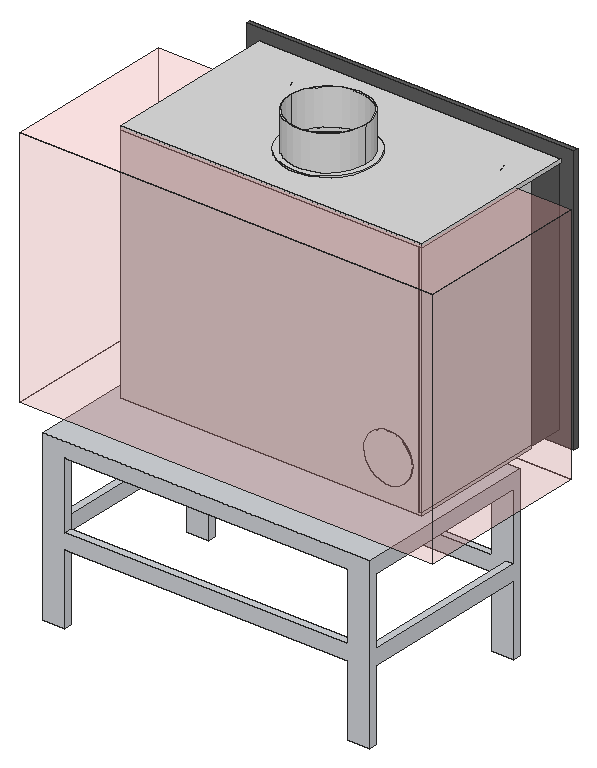
Revit family "FOGO MONTANHA-DESIGN-E809-GLASS DOOR-R19-V00", category Mechanical Equipment, host Wall, Revit 2019
Family settings
  Host = Wall
  Round Connector Dimension = Use Diameter
  Part Type = Normal
  OmniClass Number = 23.19.17.00
  Always vertical = Yes
  Cut with Voids When Loaded = No
  Shared = No
  Room Calculation Point = No
Parameters (values of type "Glass Door-4 sided Black Steel Frame 45mm")
  r_SmallDuct_Top = Diameter / 2  # 50 mm
  r_CentralDuct_Top = F / 2  # 100 mm
  r_Duct_back = 65 mm
  V = 243
  Support Table [instance] = yes
  Pu = 7.5
  Power = 9.3 kW
  Pn = 10.7
  P = 115
  Glass = Fogo Montanha-Glass
  Frame Type = FOGO MONTANHA-DESIGN-4L FRAME : E809-45mm-Black Steel
  Electrical Power = 32 W
  Electric tension = 230 V
  Efficiency at nominal power = "77%"
  Door_Glass_Offset = 70 mm
  Diameter = 100 mm
  Dark Glass = Fogo Montanha-Dark Glass
  URL = "https://welcome.fogo-montanha.com/pesquisar/PA2019P020"
  Door_Position = 5 mm  # constant formula
  Door = Fogo Montanha-Dark Glass
  Offset_Door-Frame = 26.7 mm
  Model = "Design-E809"  # constant formula
  Manufacturer URL = "www.fogo-montanha.com"
  Manufacturer = "Fogo Montanha"  # constant formula
  Height from Level [instance] = 450 mm
  Version = "v00"  # constant formula
  Uniformat II Description = "Heat Generating Systems"  # constant formula
  Uniformat II Code = "D3020"  # constant formula
  Uniclass 2015 Name = "Space heaters"  # constant formula
  Uniclass 2015 Code = "TE_70_10_20_80"  # constant formula
  Uniclass 2.0 Description = "Space Heating And Cooling Products"  # constant formula
  Uniclass 2.0 Code = "PR-70-60-36-74"  # constant formula
  Uniclass 1.4 Description = "Fireplaces"  # constant formula
  Uniclass 1.4 Code = "L828"  # constant formula
  UNSPSC Description = "Space Heaters"  # constant formula
  UNSPSC Code = "40101819"  # constant formula
  Reference = "PA2019P020"
  Publication date = "08/2022"  # constant formula
  Number of Poles = 1
  NBS Reference Description = "Room Heaters"  # constant formula
  NBS Reference Code = "60-36-74"  # constant formula
  Masterformat 2014 Description = "Fireplaces and Stoves"  # constant formula
  Masterformat 2014 Code = "10 30 00"  # constant formula
  K = B + 13 mm  # 649 mm
  J = A + 17 mm  # 807 mm
  IfcExportType = "IfcSpaceHeaterType"  # constant formula
  IfcExportAs = "IfcSpaceHeater"  # constant formula
  G = 275 mm
  F = 200 mm
  Offset_Duct_Back = 90 mm
  Clearance Zone Visible [instance] = yes
  Clearance Zone = 150 mm
  Cl = 3.3
  CO2 = 8.1
  CO 13% O2 = 0.074
  Aux_Duct_Top = 120 mm
  Det_Door = 10 mm
  Description = "Inseríveis a lenha com ventilação tangencial incluída de série, disponíveis em preto, cinza ou porta em vidro. Incluem porta com sistema de fecho automático, ar externo canalizável através de um kit opcional, dupla combustão e câmara estanque. Possibilidade de regulação da ventilação através de um controlador GLA que, com a inclusão de um Damper, permitirá também o controlo do ar de combustão. Kit wi-fi opcional para gestão do controlador GLA à distância através de smartphone."  # constant formula
  D = 465 mm
  Body = Fogo Montanha-Steel Galvanized
  Base_Offset [instance] = if(and(Height from Level < 300 mm, Support Table), 300 mm, if(and(Height from Level > 545 mm, Support Table), 545 mm, Height from Level))  # 450 mm
  E = B  # 636 mm
  C = A  # 790 mm
  BIM Modeler URL = "www.stratbim.com"
  BIM Modeler = "StratBIM"
  B = 636 mm
  Assembly Code = "D3020"
  A = 790 mm
Types (6, lengths in mm): name | Frame Type
  Glass Door-4 sided Black Steel Frame 45mm | FOGO MONTANHA-DESIGN-4L FRAME : E809-45mm-Black Steel
  Glass Door-4 sided Black Steel Frame 20mm | FOGO MONTANHA-DESIGN-4L FRAME : E809-20mm-Black Steel
  Glass Door-3 sided Black Steel Frame 45mm | FOGO MONTANHA-DESIGN-3L FRAME : E809-45mm-Black Steel
  Glass Door-3 sided Black Steel Frame 20mm | FOGO MONTANHA-DESIGN-3L FRAME : E809-20mm-Black Steel
  Glass Door-4 sided Glass Frame 50mm | FOGO MONTANHA-DESIGN-4L FRAME : E809-50mm-Glass
  Glass Door-3 sided Glass Frame 50mm | FOGO MONTANHA-DESIGN-3L FRAME : E809-50mm-Glass
Reference planes
  plane 1 "Wall": y = 0
  plane 2 "Center (Left/Right)": x = 0
  plane 3 "Front": y = 75
  plane 4 "2": x = 395
  plane 5 "3": x = -395
  plane 6 "4": x = -395
  plane 7 "5": x = 395
  plane 8 "6": x = -403.5
  plane 9 "7": x = 403.5
  plane 10 "K'": z = 1099
  plane 11 "K": z = 450
  plane 12: y = -200
  plane 13: y = -390
  plane 14 "8": x = -50
  plane 15 "9": x = 50
  plane 16 "10": x = 313.5
  plane 17: z = 774.5
  plane 18 "B'": z = 1092.5
  plane 19 "B": z = 456.5
  plane 20 "E'": z = 1092.5
  plane 21 "E": z = 456.5
  plane 22 "L": z = 558.7
  plane 23: y = -46
  plane 24 "M": x = -283.5
  plane 25 "M'": x = 283.5
  plane 26: z = 462
  plane 27 "S": x = -398.5
  plane 28 "T": x = 398.5
  plane 29 "U": x = 371.8
  plane 30 "V": x = -371.8
  plane 31: z = 1065.8
  plane 32: z = 488.7
  plane 33: z = 558.7
  plane 34: z = 995.8
  plane 35 "W": x = 301.8
  plane 36 "X": x = -301.8
  plane 37: y = -340
  plane 38 "Y": x = 100
  plane 39 "AA": x = -100
  plane 40: y = 87
  plane 41 "BB": z = 1199
  plane 42 "Origin": z = 0
  plane 43: y = -25
Forms (mm)
  Extrusion 1, solid, material "Fogo Montanha-Steel Galvanized" <- "Body", detail levels coarse
    sketch origin (0, 75, 0) x (1, 0, 0) y (0, 0, 1)
      loop
        line (403.5, 450) -> (403.5, 1092.5) -> (-403.5, 1092.5) -> (-403.5, 450) -> (403.5, 450)
    from 0 to 465
  Extrusion 2, solid, material "Fogo Montanha-Steel Galvanized" <- "Body", detail levels medium+fine
    sketch origin (-403.5, 0, 0) x (0, 1, 0) y (0, 0, 1)
      loop
        line (-25, 456.5) -> (-25, 1092.5) -> (-200, 1092.5) -> (-390, 1092.5) -> (-390, 456.5) -> (-25, 456.5)
    from 0 to 8.5
  Extrusion 3, solid, material "Fogo Montanha-Steel Galvanized" <- "Body", detail levels medium+fine
    sketch origin (403.5, 30, 0) x (0, 1, 0) y (0, 0, -1)
      loop
        line (-55, -456.5) -> (-420, -456.5) -> (-420, -1092.5) -> (-230, -1092.5) -> (-55, -1092.5) -> (-55, -456.5)
    from 0 to 8.5
  Extrusion 4, solid, material "Fogo Montanha-Steel Galvanized" <- "Body", detail levels medium+fine
    sketch origin (1420, -390, 1200) x (1, 0, 0) y (0, 0, 1)
      loop
        line (-1025, -743.5) -> (-1025, -107.5) -> (-1815, -107.5) -> (-1815, -743.5) -> (-1025, -743.5)
    from 0 to -8
  Extrusion 5, solid, material "Fogo Montanha-Steel Galvanized" <- "Body", detail levels medium+fine
    sketch origin (2348.699, 225, 1092.5) x (1, 0, 0) y (0, 1, 0)
      loop
        line (-2752.199, -150) -> (-2752.199, -615) -> (-1945.199, -615) -> (-1945.199, -150) -> (-2752.199, -150)
      loop
        circle (-2348.699, -425) r 100
    from 10 to 0
  Extrusion 6, solid, material "Fogo Montanha-Steel Galvanized" <- "Body", detail levels medium+fine
    sketch origin (2348.699, 225, 456.5) x (1, 0, 0) y (0, 1, 0)
      loop
        line (-2752.199, -250) -> (-2752.199, -615) -> (-1945.199, -615) -> (-1945.199, -250) -> (-2752.199, -250)
    from -6.5 to 0
  Extrusion 7, solid, material "Fogo Montanha-Steel Galvanized" <- "Body", detail levels medium+fine
    sketch origin (1420, -390, 1200) x (1, 0, 0) y (0, 0, 1)
      loop
        circle (-1106.5, -641.3) r 65
    from 0 to 1
  Sweep 8, solid, material "Fogo Montanha-Steel Galvanized" <- "Body"
    path in 3D
      loop
        arc (-100, -200, 1099) -> (0, -300, 1099) -> (100, -200, 1099) r 100
        arc (100, -200, 1099) -> (0, -100, 1099) -> (-100, -200, 1099) r 100
    profile origin (0, -100, 1099) x (0, -1, 0) y (0, 0, 1)
      loop
        line (0, 3.5) -> (0, 100) -> (-2, 100) -> (-2, 6.467) -> (-17, 6.467) -> (-17, 3.5) -> (0, 3.5)
  Extrusion 9, solid, material "Fogo Montanha-Dark Glass" <- "Dark Glass", detail levels medium+fine
    sketch origin (0, 75, 0) x (1, 0, 0) y (0, 0, 1)
      loop
        line (371.8, 488.7) -> (371.8, 1065.8) -> (-371.8, 1065.8) -> (-371.8, 488.7) -> (371.8, 488.7)
      loop
        line (301.8, 558.7) -> (301.8, 995.8) -> (-301.8, 995.8) -> (-301.8, 558.7) -> (301.8, 558.7)
    from 0 to -2
  Extrusion 10, solid, material "Fogo Montanha-Vermiculite", detail levels medium+fine
    sketch origin (-371.8, 0, 0) x (0, 1, 0) y (0, 0, 1)
      loop
        line (-25, 488.7) -> (-25, 995.8) -> (-200, 995.8) -> (-340, 774.5) -> (-340, 488.7) -> (-25, 488.7)
    from 0 to 8.5
  Extrusion 11, solid, material "Fogo Montanha-Vermiculite", detail levels medium+fine
    sketch origin (371.8, 0, 0) x (0, 1, 0) y (0, 0, 1)
      loop
        line (-25, 488.7) -> (-25, 995.8) -> (-200, 995.8) -> (-340, 774.5) -> (-340, 488.7) -> (-25, 488.7)
    from 0 to -8.5
  Extrusion 12, solid, material "Fogo Montanha-Vermiculite", detail levels medium+fine
    sketch origin (1420, -340, 1200) x (1, 0, 0) y (0, 0, 1)
      loop
        line (-1056.7, -711.3) -> (-1056.7, -425.5) -> (-1783.3, -425.5) -> (-1783.3, -711.3) -> (-1056.7, -711.3)
    from 0 to -8.5
  Extrusion 13, solid, material "Fogo Montanha-Vermiculite", detail levels medium+fine
    sketch origin (0, 0, 0) x (0, 1, 0) y (0, 0, 1)
      loop
        line (-200, 995.8) -> (-340, 774.5) -> (-329.009, 774.5) -> (-200, 982.392) -> (-200, 995.8)
    from -371.8 to 371.8
  Extrusion 14, solid, material "Fogo Montanha-Vermiculite", detail levels medium+fine
    sketch origin (2348.699, 225, 488.7) x (1, 0, 0) y (0, 1, 0)
      loop
        line (-2720.499, -250) -> (-2720.499, -565) -> (-1976.899, -565) -> (-1976.899, -250) -> (-2720.499, -250)
      loop
        line (-2248.699, -271) -> (-2448.699, -271) -> (-2448.699, -425) -> (-2248.699, -425) -> (-2248.699, -271)
    from 0 to 10
  Extrusion 15, solid, material "Fogo Montanha-Steel Galvanized", detail levels medium+fine
    sketch origin (2348.699, 225, 488.7) x (1, 0, 0) y (0, 1, 0)
      loop
        line (-2248.699, -271) -> (-2448.699, -271) -> (-2448.699, -425) -> (-2248.699, -425) -> (-2248.699, -271)
      loop
        line (-2435.699, -300) -> (-2361.699, -300)
        arc (-2361.699, -300) -> (-2359.578, -299.121) -> (-2358.699, -297) r 3
        line (-2358.699, -297) -> (-2358.699, -284)
        arc (-2358.699, -284) -> (-2359.578, -281.879) -> (-2361.699, -281) r 3
        line (-2361.699, -281) -> (-2435.699, -281)
        arc (-2435.699, -281) -> (-2437.82, -281.879) -> (-2438.699, -284) r 3
        line (-2438.699, -284) -> (-2438.699, -297)
        arc (-2438.699, -297) -> (-2437.82, -299.121) -> (-2435.699, -300) r 3
      loop
        arc (-2261.699, -300) -> (-2259.578, -299.121) -> (-2258.699, -297) r 3
        line (-2258.699, -297) -> (-2258.699, -284)
        arc (-2258.699, -284) -> (-2259.578, -281.879) -> (-2261.699, -281) r 3
        line (-2261.699, -281) -> (-2335.699, -281)
        arc (-2335.699, -281) -> (-2337.82, -281.879) -> (-2338.699, -284) r 3
        line (-2338.699, -284) -> (-2338.699, -297)
        arc (-2338.699, -297) -> (-2337.82, -299.121) -> (-2335.699, -300) r 3
        line (-2335.699, -300) -> (-2261.699, -300)
      loop
        line (-2435.699, -329) -> (-2361.699, -329)
        arc (-2361.699, -329) -> (-2359.578, -328.121) -> (-2358.699, -326) r 3
        line (-2358.699, -326) -> (-2358.699, -313)
        arc (-2358.699, -313) -> (-2359.578, -310.879) -> (-2361.699, -310) r 3
        line (-2361.699, -310) -> (-2435.699, -310)
        arc (-2435.699, -310) -> (-2437.82, -310.879) -> (-2438.699, -313) r 3
        line (-2438.699, -313) -> (-2438.699, -326)
        arc (-2438.699, -326) -> (-2437.82, -328.121) -> (-2435.699, -329) r 3
      loop
        arc (-2261.699, -329) -> (-2259.578, -328.121) -> (-2258.699, -326) r 3
        line (-2258.699, -326) -> (-2258.699, -313)
        arc (-2258.699, -313) -> (-2259.578, -310.879) -> (-2261.699, -310) r 3
        line (-2261.699, -310) -> (-2335.699, -310)
        arc (-2335.699, -310) -> (-2337.82, -310.879) -> (-2338.699, -313) r 3
        line (-2338.699, -313) -> (-2338.699, -326)
        arc (-2338.699, -326) -> (-2337.82, -328.121) -> (-2335.699, -329) r 3
        line (-2335.699, -329) -> (-2261.699, -329)
      loop
        line (-2435.699, -358) -> (-2361.699, -358)
        arc (-2361.699, -358) -> (-2359.578, -357.121) -> (-2358.699, -355) r 3
        line (-2358.699, -355) -> (-2358.699, -342)
        arc (-2358.699, -342) -> (-2359.578, -339.879) -> (-2361.699, -339) r 3
        line (-2361.699, -339) -> (-2435.699, -339)
        arc (-2435.699, -339) -> (-2437.82, -339.879) -> (-2438.699, -342) r 3
        line (-2438.699, -342) -> (-2438.699, -355)
        arc (-2438.699, -355) -> (-2437.82, -357.121) -> (-2435.699, -358) r 3
      loop
        arc (-2261.699, -358) -> (-2259.578, -357.121) -> (-2258.699, -355) r 3
        line (-2258.699, -355) -> (-2258.699, -342)
        arc (-2258.699, -342) -> (-2259.578, -339.879) -> (-2261.699, -339) r 3
        line (-2261.699, -339) -> (-2335.699, -339)
        arc (-2335.699, -339) -> (-2337.82, -339.879) -> (-2338.699, -342) r 3
        line (-2338.699, -342) -> (-2338.699, -355)
        arc (-2338.699, -355) -> (-2337.82, -357.121) -> (-2335.699, -358) r 3
        line (-2335.699, -358) -> (-2261.699, -358)
      loop
        line (-2435.699, -387) -> (-2361.699, -387)
        arc (-2361.699, -387) -> (-2359.578, -386.121) -> (-2358.699, -384) r 3
        line (-2358.699, -384) -> (-2358.699, -371)
        arc (-2358.699, -371) -> (-2359.578, -368.879) -> (-2361.699, -368) r 3
        line (-2361.699, -368) -> (-2435.699, -368)
        arc (-2435.699, -368) -> (-2437.82, -368.879) -> (-2438.699, -371) r 3
        line (-2438.699, -371) -> (-2438.699, -384)
        arc (-2438.699, -384) -> (-2437.82, -386.121) -> (-2435.699, -387) r 3
      loop
        arc (-2261.699, -387) -> (-2259.578, -386.121) -> (-2258.699, -384) r 3
        line (-2258.699, -384) -> (-2258.699, -371)
        arc (-2258.699, -371) -> (-2259.578, -368.879) -> (-2261.699, -368) r 3
        line (-2261.699, -368) -> (-2335.699, -368)
        arc (-2335.699, -368) -> (-2337.82, -368.879) -> (-2338.699, -371) r 3
        line (-2338.699, -371) -> (-2338.699, -384)
        arc (-2338.699, -384) -> (-2337.82, -386.121) -> (-2335.699, -387) r 3
        line (-2335.699, -387) -> (-2261.699, -387)
      loop
        line (-2435.699, -416) -> (-2361.699, -416)
        arc (-2361.699, -416) -> (-2359.578, -415.121) -> (-2358.699, -413) r 3
        line (-2358.699, -413) -> (-2358.699, -400)
        arc (-2358.699, -400) -> (-2359.578, -397.879) -> (-2361.699, -397) r 3
        line (-2361.699, -397) -> (-2435.699, -397)
        arc (-2435.699, -397) -> (-2437.82, -397.879) -> (-2438.699, -400) r 3
        line (-2438.699, -400) -> (-2438.699, -413)
        arc (-2438.699, -413) -> (-2437.82, -415.121) -> (-2435.699, -416) r 3
      loop
        arc (-2261.699, -416) -> (-2259.578, -415.121) -> (-2258.699, -413) r 3
        line (-2258.699, -413) -> (-2258.699, -400)
        arc (-2258.699, -400) -> (-2259.578, -397.879) -> (-2261.699, -397) r 3
        line (-2261.699, -397) -> (-2335.699, -397)
        arc (-2335.699, -397) -> (-2337.82, -397.879) -> (-2338.699, -400) r 3
        line (-2338.699, -400) -> (-2338.699, -413)
        arc (-2338.699, -413) -> (-2337.82, -415.121) -> (-2335.699, -416) r 3
        line (-2335.699, -416) -> (-2261.699, -416)
    from 0 to 10
  Extrusion 16, solid, material "Fogo Montanha-Black Steel", detail levels medium+fine
    sketch origin (0, 75, 0) x (1, 0, 0) y (0, 0, 1)
      loop
        line (371.8, 488.7) -> (371.8, 1065.8) -> (-371.8, 1065.8) -> (-371.8, 488.7) -> (-369.8, 488.7) -> (-369.8, 1063.8) -> (369.8, 1063.8) -> (369.8, 488.7) -> (371.8, 488.7)
    from 0 to 100
  Extrusion 17, solid, visible <- "Clearance Zone Visible"
    sketch origin (2348.699, 225, 1092.5) x (1, 0, 0) y (0, 1, 0)
      loop
        line (-2902.199, -300) -> (-2902.199, -765) -> (-1795.199, -765) -> (-1795.199, -300) -> (-1945.199, -300) -> (-1945.199, -615) -> (-2752.199, -615) -> (-2752.199, -300) -> (-2902.199, -300)
    from -642.5 to 6.5
  Extrusion 18, solid
    sketch origin (2348.699, 225, 1099) x (1, 0, 0) y (0, 1, 0)
      loop
        circle (-2065.199, -271) r 50
    from 0 to 1
  Extrusion 19, solid
    sketch origin (2348.699, 225, 1099) x (1, 0, 0) y (0, 1, 0)
      loop
        circle (-2632.199, -271) r 50
    from 0 to 1
  Extrusion 20, solid, material "Fogo Montanha-Black Steel", detail levels medium+fine
    sketch origin (1420, -25, 1200) x (1, 0, 0) y (0, 0, 1)
      loop
        line (-1048.2, -711.3) -> (-1048.2, -134.2) -> (-1791.8, -134.2) -> (-1791.8, -711.3) -> (-1048.2, -711.3)
      loop
        line (-1025, -750) -> (-1025, -107.5) -> (-1815, -107.5) -> (-1815, -750) -> (-1025, -750)
    from 0 to -10
  Extrusion 21, solid, material "Fogo Montanha-Black Steel", detail levels medium+fine
    sketch origin (0, 75, 0) x (1, 0, 0) y (0, 0, 1)
      loop
        line (371.8, 486.7) -> (371.8, 1065.8) -> (-371.8, 1065.8) -> (-371.8, 486.7) -> (371.8, 486.7)
      loop
        line (369.8, 488.7) -> (369.8, 1063.8) -> (-369.8, 1063.8) -> (-369.8, 488.7) -> (369.8, 488.7)
    from 0 to 100
  Extrusion 22, solid, material "Fogo Montanha-Black Steel", detail levels medium+fine
    sketch origin (0, 75, 0) x (1, 0, 0) y (0, 0, 1)
      loop
        line (397, 450) -> (397, 1092.5) -> (-397, 1092.5) -> (-397, 450) -> (397, 450)
      loop
        line (395, 452) -> (395, 1090.5) -> (-395, 1090.5) -> (-395, 452) -> (395, 452)
    from 0 to 100
  Extrusion 23, solid, material "Fogo Montanha-Dark Glass", detail levels medium+fine
    sketch origin (0, 75, 0) x (1, 0, 0) y (0, 0, 1)
      loop
        line (371.8, 488.7) -> (371.8, 1065.8) -> (-371.8, 1065.8) -> (-371.8, 488.7) -> (371.8, 488.7)
      loop
        line (-301.8, 558.7) -> (301.8, 558.7) -> (301.8, 995.8) -> (-301.8, 995.8) -> (-301.8, 558.7)
    from 0 to 2
  Extrusion 24, solid, material "Fogo Montanha-Glass" <- "Glass", detail levels medium+fine
    sketch origin (0, 75, 0) x (1, 0, 0) y (0, 0, 1)
      loop
        line (301.8, 558.7) -> (301.8, 995.8) -> (-301.8, 995.8) -> (-301.8, 558.7) -> (301.8, 558.7)
    from 0 to 2
  Extrusion 25, solid, material "Fogo Montanha-Steel", detail levels medium+fine
    sketch origin (0, 0, 0) x (0, 1, 0) y (0, 0, 1)
      loop
        line (-46, 1024.8) -> (-46, 1032.8) -> (-250, 1032.8) -> (-250, 1007.347) -> (-200, 1007.347) -> (-180, 995.8) -> (-75, 995.8) -> (-46, 1024.8)
    from -150 to 150
  Extrusion 26, solid, material "Fogo Montanha-Black Steel", detail levels medium+fine
    sketch origin (0, 0, 103.5) x (1, 0, 0) y (0, 0, 1)
      loop
        line (371.8, 385.2) -> (371.8, 962.3) -> (-371.8, 962.3) -> (-371.8, 385.2) -> (371.8, 385.2)
      loop
        line (-301.8, 455.2) -> (301.8, 455.2) -> (301.8, 892.3) -> (-301.8, 892.3) -> (-301.8, 455.2)
    from -20 to -22
  Extrusion 27, solid, material "Fogo Montanha-Black Steel", detail levels medium+fine
    sketch origin (0, 75, 107.7) x (1, 0, 0) y (0, 0, 1)
      loop
        line (371.8, 451) -> (-371.8, 451) -> (-371.8, 449) -> (371.8, 449) -> (371.8, 451)
    from 2 to 53
Cuts and joins
  joined: Extrusion 10, Extrusion 11, Extrusion 12, Extrusion 13, Extrusion 14
  joined: Extrusion 21, Extrusion 27
  joined: Extrusion 16, Extrusion 26
  joined: Extrusion 2, Extrusion 4, Extrusion 6
Lines and regions (mm)
  Opening 1
    outline origin (-5000, -75, 0) x (1, 0, 0) y (0, 0, 1)
      loop
        line (4596.5, 450) -> (5403.5, 450) -> (5403.5, 1099) -> (4596.5, 1099) -> (4596.5, 450)
  reference lines
    curve 1: circle (0, -200, 1099) r 100 normal (0, 0, 1)
    curve 2: circle (313.5, 75, 558.7) r 65 normal (0, -1, 0)
    curve 4: circle (-283.5, -46, 1092.5) r 50 normal (0, 0, 1)
    curve 5: circle (283.5, -46, 1092.5) r 50 normal (0, 0, 1)
  sketch lines
    curve 3: circle (0, -200, 1099) r 100 normal (0, 0, 1)
Text (mm)
  text "Placement side" at (-1304.494, 278.82, 0), in view "Ref. Level"
  text "Placement side" at (0, 1334.055, 2976.191), in view "Left"
  text "Placement side" at (0, 439.194, 2944.362), in view "Right"
Dimensions and locks
  locked: plane 3 "Front" to host wall at 0
  "C": plane 4 "2" to plane 5 "3"
  equal spacing: plane 4 "2", plane 2 "Center (Left/Right)", plane 5 "3"
  equal spacing: plane 7 "5", plane 2 "Center (Left/Right)", plane 6 "4"
  "A": plane 7 "5" to plane 6 "4"
  equal spacing: plane 9 "7", plane 2 "Center (Left/Right)", plane 8 "6"
  "J": plane 8 "6" to plane 9 "7"
  "K": plane 11 "K" to plane 10 "K'"
  "Base_Offset": level to plane 11 "K"
  equal spacing: plane 14 "8", plane 2 "Center (Left/Right)", plane 15 "9"
  plane 14 "8" to plane 15 "9" = 100 mm
  equal spacing: plane 11 "K", plane 17, plane 10 "K'"
  equal spacing: plane 19 "B", plane 17, plane 18 "B'"
  "B": plane 19 "B" to plane 18 "B'"
  equal spacing: plane 21 "E", plane 17, plane 20 "E'"
  "E": plane 21 "E" to plane 20 "E'"
  "Offset_Duct_Back": plane 9 "7" to plane 16 "10"
  locked: plane 11 "K" to plane 22 "L" at 108.7
  "Aux_Duct_Top": plane 8 "6" to plane 24 "M"
  "Aux_Duct_Top": plane 25 "M'" to plane 9 "7"
  "Offset_Door-Frame": plane 26 to plane 32
  "Offset_Door-Frame": plane 28 "T" to plane 29 "U"
  "Offset_Door-Frame": plane 30 "V" to plane 27 "S"
  "Door_Glass_Offset": plane 32 to plane 33
  "Door_Glass_Offset": plane 34 to plane 31
  "Door_Glass_Offset": plane 29 "U" to plane 35 "W"
  "Door_Glass_Offset": plane 36 "X" to plane 30 "V"
  locked: plane 13 to plane 37 at 50
  locked: plane 3 "Front" to plane 40 at 12
  Extrusion 15 sketch curve to Extrusion 15 sketch curve to Extrusion 15 sketch curve to Extrusion 15 sketch curve to Extrusion 15 sketch curve to Extrusion 15 sketch curve = 10 mm locked, 80 mm locked, 20 mm locked, 80 mm locked, 10 mm locked
  Extrusion 15 sketch curve to Extrusion 15 sketch curve to Extrusion 15 sketch curve to Extrusion 15 sketch curve to Extrusion 15 sketch curve to Extrusion 15 sketch curve to Extrusion 15 sketch curve to Extrusion 15 sketch curve to Extrusion 15 sketch curve to Extrusion 15 sketch curve to Extrusion 15 sketch curve to Extrusion 15 sketch curve = 10 mm locked, 19 mm locked, 10 mm locked, 19 mm locked, 10 mm locked, 19 mm locked, 10 mm locked, 19 mm locked, 10 mm locked, 19 mm locked, 9 mm locked
  "Door_Position": plane 9 "7" to plane 28 "T"
  "Door_Position": plane 27 "S" to plane 8 "6"
  locked: plane 43 to plane 3 "Front" at 100
  "Clearance Zone": Extrusion 17 sketch curve to Extrusion 17 sketch curve  (x3)
  locked: Extrusion 9 to Extrusion 16 at 2
  locked: Extrusion 16 to Extrusion 9 at 2  (x2)
  locked: Extrusion 21 sketch curve to Extrusion 9 at 2
  "Offset_Door-Frame": plane 31 to plane 20 "E'"
  locked: plane 10 "K'" to plane 41 "BB" at 100
  Extrusion 27 sketch curve to plane 33 = 2 mm
  plane 11 "K" to Extrusion 22 sketch curve = 2 mm
  locked: Extrusion 22 sketch curve to plane 20 "E'" at 2
  locked: Extrusion 22 sketch curve to plane 7 "5" at 2
  locked: plane 6 "4" to Extrusion 22 sketch curve at 2
  plane 11 "K" to plane 21 "E" = 6.5 mm
  locked: plane 11 "K" to plane 26 at 12
  locked: plane 23 to plane 43 at 21
  locked: plane 12 to plane 23 at 154
  locked: plane 37 to plane 12 at 140
  locked: plane 43 to plane 1 "Wall" at 25
  cut or joined group of Extrusion 16, Extrusion 26 to cut or joined group of Extrusion 16, Extrusion 26 to plane 40 = 2 mm locked, 65 mm locked
  "r_CentralDuct_Top": radius of curve 1
  "r_Duct_back": radius of curve 2
  "r_SmallDuct_Top": radius of curve 5
  "r_SmallDuct_Top": radius of curve 4
  aligned and locked: plane 8 "6" to Opening 1 sketch curve
  aligned and locked: Opening 1 sketch curve to plane 9 "7"
  aligned and locked: plane 10 "K'" to Opening 1 sketch curve
  aligned and locked: plane 11 "K" to Opening 1 sketch curve
  aligned and locked: plane 8 "6" to Extrusion 1 sketch curve
  aligned and locked: Extrusion 1 sketch curve to plane 9 "7"
  aligned and locked: plane 18 "B'" to Extrusion 1 sketch curve
  aligned and locked: plane 13 to Extrusion 1
  aligned and locked: plane 19 "B" to Extrusion 2 sketch curve
  aligned and locked: plane 18 "B'" to Extrusion 2 sketch curve
  aligned and locked: plane 13 to Extrusion 2 sketch curve
  aligned and locked: Extrusion 3 sketch curve to plane 18 "B'"
  aligned and locked: Extrusion 3 sketch curve to plane 13
  aligned and locked: Extrusion 3 sketch curve to plane 19 "B"
  aligned and locked: plane 4 "2" to Extrusion 4 sketch curve
  aligned and locked: plane 5 "3" to Extrusion 4 sketch curve
  aligned and locked: plane 21 "E" to Extrusion 4 sketch curve
  aligned and locked: plane 20 "E'" to Extrusion 4 sketch curve
  aligned and locked: plane 5 "3" to Extrusion 2
  aligned and locked: Extrusion 3 to plane 4 "2"
  aligned and locked: Extrusion 5 sketch curve to plane 8 "6"
  aligned and locked: plane 9 "7" to Extrusion 5 sketch curve
  aligned and locked: Extrusion 5 sketch curve to plane 13
  aligned and locked: Extrusion 5 sketch curve to curve 1
  aligned and locked: plane 9 "7" to Extrusion 6 sketch curve
  aligned and locked: Extrusion 6 sketch curve to plane 8 "6"
  aligned and locked: Extrusion 6 sketch curve to plane 13
  aligned and locked: Extrusion 7 sketch curve to curve 2
  aligned and locked: plane 24 "M" to curve 4
  aligned and locked: plane 23 to curve 4
  aligned and locked: plane 23 to curve 5
  aligned and locked: plane 25 "M'" to curve 5
  aligned and locked: plane 32 to Extrusion 9 sketch curve
  aligned and locked: Extrusion 9 sketch curve to plane 29 "U"
  aligned and locked: Extrusion 9 sketch curve to plane 31
  aligned and locked: plane 30 "V" to Extrusion 9 sketch curve
  aligned and locked: Extrusion 10 to plane 32
  aligned and locked: plane 34 to Extrusion 10 sketch curve
  aligned and locked: plane 12 to Extrusion 10 sketch curve
  aligned and locked: Extrusion 12 to Extrusion 10
  aligned and locked: Extrusion 12 to Extrusion 11
  aligned and locked: Extrusion 11 sketch curve to Extrusion 12
  aligned and locked: Extrusion 10 sketch curve to plane 37
  aligned and locked: plane 17 to Extrusion 12
  aligned and locked: plane 17 to Extrusion 10 sketch curve
  aligned and locked: plane 17 to Extrusion 11 sketch curve
  aligned and locked: Extrusion 13 sketch curve to Extrusion 10
  aligned and locked: plane 17 to Extrusion 13 sketch curve
  aligned and locked: plane 12 to Extrusion 13 sketch curve
  aligned and locked: plane 29 "U" to Extrusion 13
  aligned and locked: Extrusion 13 to plane 30 "V"
  aligned and locked: Extrusion 10 to Extrusion 12
  aligned and locked: Extrusion 14 sketch curve to plane 30 "V"
  aligned and locked: Extrusion 14 sketch curve to plane 37
  aligned and locked: Extrusion 14 sketch curve to plane 29 "U"
  aligned and locked: plane 12 to Extrusion 14 sketch curve
  aligned and locked: Extrusion 14 sketch curve to plane 23
  aligned and locked: Extrusion 14 sketch curve to plane 39 "AA"
  aligned and locked: plane 38 "Y" to Extrusion 14 sketch curve
  aligned and locked: Extrusion 15 sketch curve to plane 38 "Y"
  aligned and locked: Extrusion 15 sketch curve to plane 23
  aligned and locked: Extrusion 15 to plane 32
  aligned and locked: Extrusion 14 to Extrusion 15
  aligned and locked: Extrusion 15 sketch curve to Extrusion 15 sketch curve  (x26)
  aligned and locked: nested 1 to plane 2 "Center (Left/Right)"
  aligned and locked: plane 41 "BB" to Sweep 8 sketch curve
  aligned and locked: Extrusion 5 to Sweep 8 sketch curve
  aligned and locked: level to plane 42 "Origin"
  aligned and locked: Extrusion 10 sketch curve to plane 43
  aligned and locked: plane 43 to Extrusion 3 sketch curve
  aligned and locked: Extrusion 2 sketch curve to plane 43
  aligned and locked: plane 29 "U" to Extrusion 16 sketch curve
  aligned and locked: plane 31 to Extrusion 16 sketch curve
  aligned and locked: plane 30 "V" to Extrusion 16 sketch curve
  aligned and locked: Extrusion 16 sketch curve to plane 32
  aligned and locked: plane 32 to Extrusion 16 sketch curve
  aligned and locked: plane 43 to Extrusion 16
  aligned and locked: Extrusion 14 sketch curve to plane 43
  aligned and locked: Extrusion 17 sketch curve to host wall
  aligned and locked: host wall to Extrusion 17 sketch curve
  aligned and locked: Extrusion 17 to host wall  (x2)
  aligned and locked: Extrusion 18 sketch curve to curve 5
  aligned and locked: Extrusion 19 sketch curve to curve 4
  aligned and locked: Extrusion 6 to plane 11 "K"
  aligned and locked: nested 1 to plane 17
  aligned and locked: Extrusion 22 sketch curve to plane 7 "5"
  aligned and locked: Extrusion 22 sketch curve to plane 20 "E'"
  aligned and locked: plane 6 "4" to Extrusion 22 sketch curve
  aligned and locked: plane 31 to Extrusion 23 sketch curve
  aligned and locked: Extrusion 23 sketch curve to plane 30 "V"
  aligned and locked: plane 29 "U" to Extrusion 23 sketch curve
  aligned and locked: Extrusion 23 sketch curve to plane 32
  aligned and locked: Extrusion 6 to Extrusion 2
  aligned and locked: plane 35 "W" to Extrusion 9 sketch curve
  aligned and locked: plane 34 to Extrusion 9 sketch curve
  aligned and locked: plane 36 "X" to Extrusion 9 sketch curve
  aligned and locked: plane 33 to Extrusion 9 sketch curve
  aligned and locked: plane 35 "W" to Extrusion 24 sketch curve
  aligned and locked: plane 34 to Extrusion 24 sketch curve
  aligned and locked: plane 33 to Extrusion 24 sketch curve
  aligned and locked: plane 36 "X" to Extrusion 24 sketch curve
  aligned and locked: Extrusion 11 sketch curve to plane 43
  aligned and locked: plane 23 to Extrusion 25 sketch curve
  aligned and locked: Extrusion 27 to Extrusion 26
  aligned and locked: Extrusion 27 sketch curve to plane 33
  aligned and locked: plane 29 "U" to Extrusion 26 sketch curve
  aligned and locked: Extrusion 26 sketch curve to plane 30 "V"
  aligned and locked: plane 29 "U" to Extrusion 27
  aligned and locked: Extrusion 27 to plane 30 "V"
  aligned and locked: Extrusion 26 sketch curve to plane 34
  aligned and locked: plane 31 to Extrusion 26 sketch curve
  aligned and locked: plane 9 "7" to Extrusion 17 sketch curve
  aligned and locked: Extrusion 17 sketch curve to plane 8 "6"
  aligned and locked: plane 13 to Extrusion 17 sketch curve
  aligned and locked: Extrusion 20 sketch curve to plane 20 "E'"
  aligned and locked: Extrusion 20 sketch curve to plane 31
  aligned and locked: Extrusion 20 sketch curve to plane 32
  aligned and locked: Extrusion 20 sketch curve to plane 7 "5"
  aligned and locked: Extrusion 20 sketch curve to plane 29 "U"
  aligned and locked: Extrusion 20 sketch curve to plane 6 "4"
  aligned and locked: Extrusion 20 sketch curve to plane 30 "V"
  aligned and locked: plane 33 to Extrusion 26 sketch curve
  aligned and locked: Extrusion 26 sketch curve to plane 32
  aligned and locked: Extrusion 1 sketch curve to plane 11 "K"
  aligned and locked: Extrusion 22 sketch curve to plane 11 "K"
  aligned and locked: Extrusion 20 sketch curve to plane 11 "K"
  aligned and locked: nested 2 to plane 2 "Center (Left/Right)"
  aligned and locked: nested 2 to host wall
  aligned and locked: Extrusion 27 to cut or joined group of Extrusion 16, Extrusion 26
  aligned and locked: Extrusion 27 to Extrusion 23
Automatic sketch dimensions
  Extrusion 2 sketch curve to plane 12 = 0 mm
  Extrusion 3 sketch curve to plane 12 = 0 mm
  Extrusion 5 sketch curve to host wall = 0 mm
  Sweep 8 sketch curve to profile plane = 0 mm
  profile plane to Sweep 8 sketch curve = 2 mm
  profile plane to Sweep 8 sketch curve = 6.467 mm
  Sweep 8 sketch curve to Sweep 8 sketch curve = 15 mm
  Extrusion 10 sketch curve to plane 32 = 0 mm
  Extrusion 12 sketch curve to plane 32 = 0 mm
  Extrusion 12 sketch curve to plane 17 = 0 mm
  plane 30 "V" to Extrusion 12 sketch curve = 8.5 mm
  Extrusion 12 sketch curve to plane 29 "U" = 8.5 mm
  Extrusion 13 sketch curve to plane 37 = 10.991 mm
  Extrusion 13 sketch curve to plane 34 = 13.408 mm
  Extrusion 15 sketch curve to Extrusion 15 sketch curve = 3 mm  (x40)
  plane 30 "V" to Extrusion 16 sketch curve = 2 mm
  Extrusion 16 sketch curve to plane 29 "U" = 2 mm
  Extrusion 16 sketch curve to plane 31 = 2 mm
  Extrusion 21 sketch curve to plane 30 "V" = 0 mm
  Extrusion 21 sketch curve to plane 32 = 0 mm
  Extrusion 21 sketch curve to plane 29 "U" = 0 mm
  Extrusion 21 sketch curve to plane 31 = 0 mm
  plane 30 "V" to Extrusion 21 sketch curve = 2 mm
  Extrusion 21 sketch curve to plane 29 "U" = 2 mm
  Extrusion 21 sketch curve to plane 31 = 2 mm
  Extrusion 23 sketch curve to plane 34 = 0 mm
  Extrusion 23 sketch curve to plane 36 "X" = 0 mm
  Extrusion 23 sketch curve to plane 22 "L" = 0 mm
  Extrusion 23 sketch curve to plane 35 "W" = 0 mm
  Extrusion 11 sketch curve to plane 12 = 0 mm
  Extrusion 11 sketch curve to plane 34 = 0 mm
  Extrusion 11 sketch curve to plane 32 = 0 mm
  Extrusion 26 sketch curve to plane 24 "M" = 18.3 mm
  Extrusion 26 sketch curve to plane 25 "M'" = 18.3 mm
  Extrusion 27 sketch curve to plane 36 "X" = 70 mm
  plane 16 "10" to Extrusion 27 sketch curve = 58.3 mm
  plane 43 to Extrusion 6 sketch curve = 0 mm
  Extrusion 25 sketch curve to plane 12 = 0 mm
  Extrusion 25 sketch curve to plane 34 = 0 mm
  plane 34 to Extrusion 25 sketch curve = 11.547 mm
  Extrusion 25 sketch curve to Extrusion 25 sketch curve = 50 mm
  Extrusion 25 sketch curve to plane 12 = 20 mm
  plane 23 to Extrusion 25 sketch curve = 29 mm
  plane 34 to Extrusion 25 sketch curve = 29 mm
  Extrusion 25 sketch curve to Extrusion 25 sketch curve = 8 mm
  curve 2 to plane 16 "10" = 0 mm
  curve 2 to plane 22 "L" = 0 mm
  curve 4 to plane 24 "M" = 0 mm
  curve 1 to plane 2 "Center (Left/Right)" = 0 mm
  plane 12 to curve 1 = 0 mm
Nested families
  nested 1: "FOGO MONTANHA-DESIGN-4L FRAME" at (0, 75, 774.5) x (-1, 0, 0) z (0, 1, 0), type <- "Frame Type", type "E809-45mm-Black Steel"
    with Width 45 mm, B 628 mm, A 788 mm
  nested 2: "FOGO MONTANHA-SUPPORT TABLE-R19-V00" at (0, -75, 0) x (-1, 0, 0) z (0, 0, 1), visible <- "Support Table", H <- "Base_Offset", type "PA1090G051"
    with H 450 mm
Connectors
  hvac at (0, -200, 1199), driven by "F"
    settings: on Sweep 8, index 1, duct flow 0.0 L/s, flow factor 0, pres drop 0.0 Pa, loss coef 0, conn angle 0.00°, conn width 304.8 mm, conn height 304.8 mm, conn diameter 200 mm, duct sys type 3, conn prof type 0, flow config 0, flow direction 2, loss method 0, conn ref index -1, conn util no, is conn primary yes, conn desc ""
  electrical at (-403.5, -206, 838.1), driven by "Number of Poles", driven by "Electric tension", driven by "Electrical Power"
    settings: on Extrusion 2, index 3, voltage 230 V, apparent load 32 VA, apparent load phase1 0 VA, apparent load phase2 0 VA, apparent load phase3 0 VA, power factor 1, load classification "Other", number of poles 1, system type 30, power factor state 1, is connector primary yes, connector utility no, sub classification motor no, connector description ""
  hvac at (313.5, -390, 558.7), driven by "Diameter"
    settings: on Extrusion 7, index 4, duct flow 0.0 L/s, flow factor 0, pres drop 0.0 Pa, loss coef 0, conn angle 0.00°, conn width 304.8 mm, conn height 304.8 mm, conn diameter 100 mm, duct sys type 1, conn prof type 0, flow config 0, flow direction 1, loss method 0, conn ref index -1, conn util no, is conn primary no, conn desc ""
  hvac at (-283.5, -46, 1100), driven by "Diameter"
    settings: on Extrusion 19, index 5, duct flow 0.0 L/s, flow factor 0, pres drop 0.0 Pa, loss coef 0, conn angle 0.00°, conn width 304.8 mm, conn height 304.8 mm, conn diameter 100 mm, duct sys type 3, conn prof type 0, flow config 0, flow direction 2, loss method 0, conn ref index -1, conn util no, is conn primary no, conn desc ""
  hvac at (283.5, -46, 1100), driven by "Diameter"
    settings: on Extrusion 18, index 6, duct flow 0.0 L/s, flow factor 0, pres drop 0.0 Pa, loss coef 0, conn angle 0.00°, conn width 304.8 mm, conn height 304.8 mm, conn diameter 100 mm, duct sys type 3, conn prof type 0, flow config 0, flow direction 2, loss method 0, conn ref index -1, conn util no, is conn primary no, conn desc ""
Definition of nested family "FOGO MONTANHA-DESIGN-4L FRAME"
  Parameters (values of type "E609-20mm")
    Width = 20 mm
    Uniformat II Description = "Other HVAC Systems & Equipment"
    Uniformat II Code = "D3090"
    Uniclass 2015 Name = "Fireplace Surrounds"
    Uniclass 2015 Code = "PR_70_60_80_32"
    URL = "https://www.fogo-montanha.com/pt"
    UNSPSC Code = "40101819"
    Thickness = 12 mm
    Reference = "MO2070P132"
    Model = "Design 4 Sided"  # constant formula
    Masterformat 2014 Description = "Fireplace Specialties"
    Masterformat 2014 Code = "10 32 00"
    Manufacturer = "Fogo Montanha"  # constant formula
    Frame Material = none
    Default Elevation = 1219.2 mm
    B = 488 mm
    A = 588 mm
  Types (15, lengths in mm): name | Width | Reference | Default Elevation | B | A
    E609H-50mm | 50 | "MO2070V016" | 1219.2 | 690 | 587
    E609H-45mm | 45 | "MO2070P134" | 1219.2 | 690 | 587
    E609H-20mm | 20 | "MO2070P136" | 1219.2 | 690 | 587
    E609-50mm | 50 | "MO2070V014" | 1219.2 | 488 | 588
    E709-50mm | 50 | "MO2070V018" | 1219.2 | 556 | 688
    E809-50mm | 50 | "MO2070V020" | 1219.2 | 628 | 788
    E909-50mm | 50 | "MO2070V023" | 1219.2 | 698 | 888
    E609-45mm | 45 | "MO2070P130" | 1219.2 | 488 | 588
    E709-45mm | 45 | "MO2070P138" | 5 | 556 | 688
    E809-45mm | 45 | "MO2070P142" | 1219.2 | 628 | 788
    E909-45mm | 45 | "MO2070P146" | 1219.2 | 698 | 888
    E609-20mm | 20 | "MO2070P132" | 1219.2 | 488 | 588
    E709-20mm | 20 | "MO2070P140" | 1219.2 | 556 | 688
    E809-20mm | 20 | "MO2070P144" | 1219.2 | 628 | 788
    E909-20mm | 20 | "MO2070P148" | 1219.2 | 698 | 888
  Reference planes
    plane 1 "Center (Front/Back)": y = 0
    plane 2: z = 0
    plane 3 "Center (Left/Right)": x = 0
    plane 4: x = -294
    plane 5: x = 294
    plane 6: y = 244
    plane 7: y = -244
    plane 8: x = -314
    plane 9: z = 12
  Forms (mm)
    Extrusion 1, solid
      sketch origin (0, 0, 0) x (1, 0, 0) y (0, 1, 0)
        loop
          line (-1219.2, 1219.2) -> (-1219.2, -1219.2) -> (1219.2, -1219.2) -> (1219.2, 1219.2) -> (-1219.2, 1219.2)
      from 0 to -304.8
    Sweep 2, solid, material <- "Frame Material"
      path origin (0, 0, 0) x (1, 0, 0) y (0, 1, 0)
        loop
          line (-294, -244) -> (294, -244) -> (294, 244) -> (-294, 244) -> (-294, -244)
      profile origin (-294, 0, 0) x (1, 0, 0) y (0, 0, 1)
        loop
          line (-20, 12) -> (-20, 0) -> (0, 0) -> (0, 12) -> (-20, 12)
  Dimensions and locks
    equal spacing: plane 6, plane 1 "Center (Front/Back)", plane 7
    "B": plane 6 to plane 7
    equal spacing: plane 4, plane 3 "Center (Left/Right)", plane 5
    "A": plane 4 to plane 5
    "Thickness": plane 9 to plane 2
    "Width": plane 4 to plane 8
    aligned and locked: plane 2 to Extrusion 1
    aligned and locked: level to Extrusion 1
    aligned and locked: plane 7 to Sweep 2 sketch curve
    aligned and locked: Sweep 2 sketch curve to plane 4  (x2)
    aligned and locked: plane 6 to Sweep 2 sketch curve
    aligned and locked: Sweep 2 sketch curve to plane 5
    aligned and locked: Sweep 2 sketch curve to plane 9
    aligned and locked: Sweep 2 sketch curve to plane 8
    aligned and locked: Sweep 2 sketch curve to plane 2
  Automatic sketch dimensions
    Extrusion 1 sketch curve to Extrusion 1 sketch curve = 2438.4 mm  (x2)
Definition of nested family "FOGO MONTANHA-SUPPORT TABLE-R19-V00"
  Parameters (values of type "PA1090G049")
    URL = "https://fogo-montanha.com"
    Reference = "PA1090G049"
    P = 533 mm
    Model = "Support Table"  # constant formula
    Manufacturer = "Fogo Montanha"  # constant formula
    L = 677 mm
    H [instance] = 420 mm
    Description = "Mesa de suporte PA1090G049 compatível com os modelos Classic E601,Classic E701, Design E709, Design E609 e Design E609H."
  Types (4, lengths in mm): name | Reference | P | L | H | Description
    (no name) | "PA1090G049" | 533 | 677 | 420 | "Mesa de suporte PA1090G049 compatível com os modelos Classic E601,Classic E701, Design E709, Design E609 e Design E609H."
    PA1090G027 | "PA1090G027" | 470 | 677 | 300 | "Mesa de suporte PA1090G027 compatível com os modelos SQUARE D e SQUARE V."
    PA1090G049 | "PA1090G049" | 533 | 677 | 420 | "Mesa de suporte PA1090G049 compatível com os modelos Classic E601,Classic E701, Design E709, Design E609 e Design E609H."
    PA1090G051 | "PA1090G051" | 533 | 877 | 504 | "Mesa de suporte PA1090G051 compatível com os modelos Classic E901, Classic E801, Design E909 e Design E809."
  Reference planes
    plane 1 "Center (Front/Back)": y = 0
    plane 2: z = 0
    plane 3 "Center (Left/Right)": x = 0
    plane 4: x = -338.5
    plane 5: x = -318.5
    plane 6: x = -278.5
    plane 7: x = 278.5
    plane 8: x = 318.5
    plane 9: x = 338.5
    plane 10: y = 533
    plane 11: y = 513
    plane 12: y = 50
    plane 13: y = 30
    plane 14: z = 420
    plane 15: z = 380
    plane 16: z = 200
    plane 17: z = 160
  Forms (mm)
    Extrusion 1, solid
      sketch origin (0, 0, 0) x (1, 0, 0) y (0, 1, 0)
        loop
          line (-338.5, 533) -> (-338.5, 513) -> (-278.5, 513) -> (-278.5, 533) -> (-338.5, 533)
        loop
          line (-338.5, 30) -> (-278.5, 30) -> (-278.5, 50) -> (-338.5, 50) -> (-338.5, 30)
        loop
          line (278.5, 50) -> (278.5, 30) -> (338.5, 30) -> (338.5, 50) -> (278.5, 50)
        loop
          line (278.5, 533) -> (278.5, 513) -> (338.5, 513) -> (338.5, 533) -> (278.5, 533)
      from 0 to 380
    Extrusion 2, solid
      sketch origin (0, 0, 0) x (1, 0, 0) y (0, 1, 0)
        loop
          line (-338.5, 533) -> (-338.5, 30) -> (-278.5, 30) -> (-278.5, 0) -> (278.5, 0) -> (278.5, 30) -> (338.5, 30) -> (338.5, 533) -> (-338.5, 533)
      from 380 to 420
    Extrusion 3, solid
      sketch origin (0, 0, 0) x (1, 0, 0) y (0, 1, 0)
        loop
          line (338.5, 533) -> (-338.5, 533) -> (-338.5, 30) -> (338.5, 30) -> (338.5, 533)
        loop
          line (318.5, 513) -> (-318.5, 513) -> (-318.5, 50) -> (318.5, 50) -> (318.5, 513)
      from 160 to 200
  Cuts and joins
    joined: Extrusion 1, Extrusion 2, Extrusion 3
  Dimensions and locks
    locked: plane 4 to plane 5 at 20
    locked: plane 4 to plane 6 at 60
    locked: plane 7 to plane 9 at 60
    equal spacing: plane 4, plane 3 "Center (Left/Right)", plane 9
    "L": plane 4 to plane 9
    locked: plane 10 to plane 11 at 20
    locked: plane 12 to plane 13 at 20
    locked: plane 13 to plane 1 "Center (Front/Back)" at 30
    "P": plane 1 "Center (Front/Back)" to plane 10
    locked: plane 14 to plane 15 at 40
    locked: plane 15 to plane 16 at 180
    locked: plane 16 to plane 17 at 40
    "H": plane 14 to level
    locked: plane 8 to plane 9 at 20
    aligned and locked: level to plane 2
    aligned and locked: Extrusion 1 sketch curve to plane 10  (x2)
    aligned and locked: Extrusion 1 sketch curve to plane 11  (x2)
    aligned and locked: Extrusion 1 sketch curve to plane 6  (x2)
    aligned and locked: Extrusion 1 sketch curve to plane 4  (x2)
    aligned and locked: Extrusion 1 sketch curve to plane 13  (x2)
    aligned and locked: Extrusion 1 sketch curve to plane 12  (x2)
    aligned and locked: Extrusion 1 sketch curve to plane 9  (x2)
    aligned and locked: Extrusion 1 sketch curve to plane 7  (x2)
    aligned and locked: plane 15 to Extrusion 1
    aligned and locked: Extrusion 2 sketch curve to plane 10
    aligned and locked: Extrusion 2 sketch curve to plane 9
    aligned and locked: Extrusion 2 sketch curve to plane 13  (x2)
    aligned and locked: Extrusion 2 sketch curve to plane 1 "Center (Front/Back)"
    aligned and locked: Extrusion 2 sketch curve to plane 4
    aligned and locked: Extrusion 2 sketch curve to plane 6
    aligned and locked: Extrusion 2 sketch curve to plane 7
    aligned and locked: plane 14 to Extrusion 2
    aligned and locked: Extrusion 2 to plane 15
    aligned and locked: Extrusion 3 sketch curve to plane 9
    aligned and locked: Extrusion 3 sketch curve to plane 8
    aligned and locked: Extrusion 3 sketch curve to plane 5
    aligned and locked: Extrusion 3 sketch curve to plane 4
    aligned and locked: Extrusion 3 sketch curve to plane 11
    aligned and locked: Extrusion 3 sketch curve to plane 10
    aligned and locked: Extrusion 3 sketch curve to plane 12
    aligned and locked: Extrusion 3 sketch curve to plane 13
    aligned and locked: plane 16 to Extrusion 3
    aligned and locked: Extrusion 3 to plane 17
